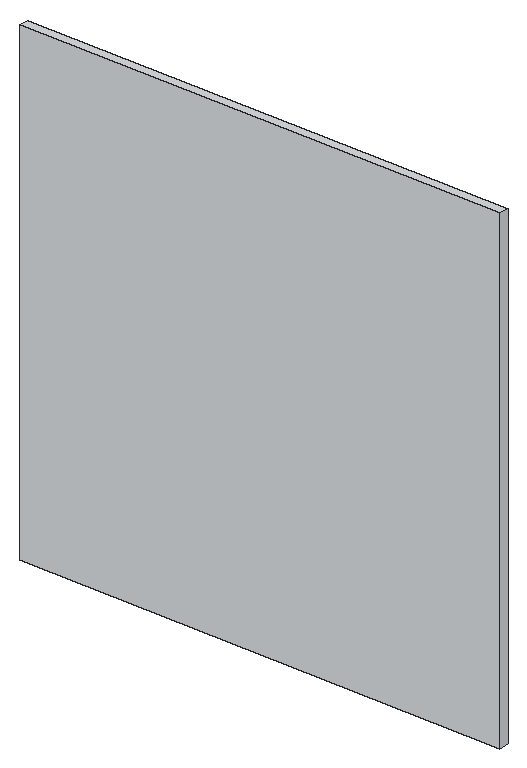
Revit family "Brick Océano Azul_309271151", category Modelos genéricos, Revit 2024
Family settings
  Puede alojar armadura = No
  Cota de conector redondo = Usar diámetro
  Tipo de pieza = Normal
  Se basa en plano de trabajo = No
  Siempre vertical = Sí
  Corte con vacíos al cargar = No
  Mantener orientación de anotación = No
  Compartido = No
  Punto de cálculo de habitación = No
Parameters
  Elevación por defecto = 0 mm
Reference planes
  plane 1 "Center (Front/Back)": y = 0
  plane 2: z = 0
  plane 3 "Center (Left/Right)": x = 0
Forms (mm)
  Extrusion 1, solid, material "Analytical Panels"
    sketch origin (0, 0, 0) x (1, 0, 0) y (0, 1, 0)
      loop
        line (-1366.384, -136.448) -> (-1366.384, -194.576) -> (1633.616, -194.576) -> (1633.616, -136.448) -> (-1366.384, -136.448)
    from 0 to 3000
Dimensions and locks
  Extrusion 1 sketch curve to Extrusion 1 sketch curve = 58.128 mm
  Extrusion 1 to Extrusion 1 = 3000 mm  (x2)
  aligned and locked: level to plane 2
